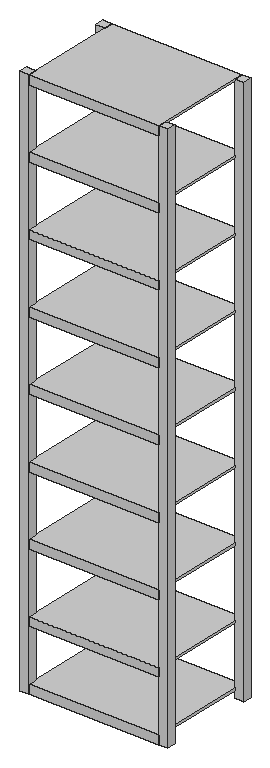
Revit family "PR1", category Specialty Equipment, Revit 2012
Parameters (values of type "Pallet Rack Starter (Default)")
  URL = "http://www.madixinc.com/store/palletrack/core.html"
  Model = "Pallet Rack"
  Manufacturer = "© 2012 Madix, Inc. All rights reserved."
  Base Shelf [instance] = yes
  Shelf Depth = 3' - 0"
  Length = 4' - 0"
  Height = 16' - 0"
  2' Shelf [instance] = yes
  4' Shelf [instance] = yes
  6' Shelf [instance] = yes
  8' Shelf [instance] = yes
  10' Shelf [instance] = yes
  12' Shelf [instance] = yes
  14' Shelf [instance] = yes
  16' Shelf [instance] = yes
Reference planes (in)
  plane 1 "Center (Front/Back)": y = 0
  plane 2: z = 0
  plane 3 "Center (Left/Right)": x = 0
  plane 4: x = -22.5
  plane 5: x = 22.5
  plane 6: y = 18
  plane 7: y = -18
  plane 8: x = -25.5
  plane 9: x = 25.5
  plane 10: z = 192
  plane 11: x = -24
  plane 12: x = 24
Forms (in)
  Extrusion 1, solid, material "Metal - Steel", visible <- "Base Shelf"
    sketch origin (-18, -16.25, 0) x (0, -1, 0) y (0, 0, -1)
      loop
        line (-34.25, 0) -> (-34.25, -3) -> (1.75, -3) -> (1.75, 0) -> (1.625, 0) -> (1.625, -2.375) -> (-34.125, -2.375) -> (-34.125, 0) -> (-34.25, 0)
    from -4.5 to 40.5
  Extrusion 2, solid, material "Metal - Steel", visible <- "2' Shelf"
    sketch origin (-19.5, -17, 33) x (0, -1, 0) y (0, 0, -1)
      loop
        line (-35, 12) -> (-35, 9) -> (1, 9) -> (1, 12) -> (0.875, 12) -> (0.875, 9.625) -> (-34.875, 9.625) -> (-34.875, 12) -> (-35, 12)
    from -3 to 42
  Extrusion 3, solid, material "Metal - Steel", visible <- "4' Shelf"
    sketch origin (-18, -16.25, 57) x (0, -1, 0) y (0, 0, -1)
      loop
        line (-34.25, 12) -> (-34.25, 9) -> (1.75, 9) -> (1.75, 12) -> (1.625, 12) -> (1.625, 9.625) -> (-34.125, 9.625) -> (-34.125, 12) -> (-34.25, 12)
    from -4.5 to 40.5
  Extrusion 4, solid, material "Metal - Steel", visible <- "6' Shelf"
    sketch origin (-18, -16.25, 81) x (0, -1, 0) y (0, 0, -1)
      loop
        line (-34.25, 12) -> (-34.25, 9) -> (1.75, 9) -> (1.75, 12) -> (1.625, 12) -> (1.625, 9.625) -> (-34.125, 9.625) -> (-34.125, 12) -> (-34.25, 12)
    from -4.5 to 40.5
  Extrusion 5, solid, material "Metal - Steel", visible <- "8' Shelf"
    sketch origin (-18, -16.25, 105) x (0, -1, 0) y (0, 0, -1)
      loop
        line (-34.25, 12) -> (-34.25, 9) -> (1.75, 9) -> (1.75, 12) -> (1.625, 12) -> (1.625, 9.625) -> (-34.125, 9.625) -> (-34.125, 12) -> (-34.25, 12)
    from -4.5 to 40.5
  Extrusion 6, solid, material "Metal - Steel", visible <- "10' Shelf"
    sketch origin (-18, -16.25, 129) x (0, -1, 0) y (0, 0, -1)
      loop
        line (-34.25, 12) -> (-34.25, 9) -> (1.75, 9) -> (1.75, 12) -> (1.625, 12) -> (1.625, 9.625) -> (-34.125, 9.625) -> (-34.125, 12) -> (-34.25, 12)
    from -4.5 to 40.5
  Extrusion 7, solid, material "Metal - Steel"
    sketch origin (0, -0.125, 0) x (1, 0, 0) y (0, 1, 0)
      loop
        line (-22.5, -17.875) -> (-22.5, -14.875) -> (-25.5, -14.875) -> (-25.5, -17.875) -> (-22.5, -17.875)
      loop
        line (22.5, -17.875) -> (25.5, -17.875) -> (25.5, -14.875) -> (22.5, -14.875) -> (22.5, -17.875)
      loop
        line (-22.5, 18.125) -> (-25.5, 18.125) -> (-25.5, 15.125) -> (-22.5, 15.125) -> (-22.5, 18.125)
      loop
        line (22.5, 18.125) -> (22.5, 15.125) -> (25.5, 15.125) -> (25.5, 18.125) -> (22.5, 18.125)
    from 0 to 192
  Extrusion 8, solid, material "Metal - Steel", visible <- "12' Shelf"
    sketch origin (-18, -16.25, 153) x (0, -1, 0) y (0, 0, -1)
      loop
        line (-34.25, 12) -> (-34.25, 9) -> (1.75, 9) -> (1.75, 12) -> (1.625, 12) -> (1.625, 9.625) -> (-34.125, 9.625) -> (-34.125, 12) -> (-34.25, 12)
    from -4.5 to 40.5
  Extrusion 9, solid, material "Metal - Steel", visible <- "14' Shelf"
    sketch origin (-18, -16.25, 177) x (0, -1, 0) y (0, 0, -1)
      loop
        line (-34.25, 12) -> (-34.25, 9) -> (1.75, 9) -> (1.75, 12) -> (1.625, 12) -> (1.625, 9.625) -> (-34.125, 9.625) -> (-34.125, 12) -> (-34.25, 12)
    from -4.5 to 40.5
  Extrusion 10, solid, material "Metal - Steel", visible <- "16' Shelf"
    sketch origin (-18, -16.25, 201) x (0, -1, 0) y (0, 0, -1)
      loop
        line (-34.25, 12) -> (-34.25, 9) -> (1.75, 9) -> (1.75, 12) -> (1.625, 12) -> (1.625, 9.625) -> (-34.125, 9.625) -> (-34.125, 12) -> (-34.25, 12)
    from -4.5 to 40.5
Dimensions and locks (in)
  "Length": plane 11 to plane 12
  equal spacing: plane 7, plane 1 "Center (Front/Back)", plane 6
  "Shelf Depth": plane 7 to plane 6
  "Height": plane 10 to level
  locked: plane 8 to plane 11 at 1.5
  locked: plane 12 to plane 9 at 1.5
  equal spacing: plane 11, plane 3 "Center (Left/Right)", plane 12
  locked: plane 5 to plane 12 at 1.5
  locked: plane 11 to plane 4 at 1.5
  aligned and locked: level to plane 2
  aligned and locked: Extrusion 1 to plane 4
  aligned and locked: Extrusion 1 to plane 5
  aligned and locked: plane 6 to Extrusion 1
  aligned and locked: plane 7 to Extrusion 1
  aligned and locked: Extrusion 1 to level
  aligned and locked: Extrusion 1 to Extrusion 5
  aligned and locked: Extrusion 5 to plane 6
  aligned and locked: plane 7 to Extrusion 6
  aligned and locked: Extrusion 6 to plane 6
  aligned and locked: plane 8 to Extrusion 7
  aligned and locked: plane 9 to Extrusion 7
  aligned and locked: plane 10 to Extrusion 7
  aligned and locked: Extrusion 4 to plane 5
  aligned and locked: Extrusion 3 to plane 5
  aligned and locked: Extrusion 2 to plane 5
  aligned and locked: Extrusion 4 to plane 4
  aligned and locked: Extrusion 3 to plane 4
  aligned and locked: Extrusion 2 to plane 4
  aligned and locked: Extrusion 2 to Extrusion 1  (x4)
  aligned and locked: Extrusion 5 to plane 5
  aligned and locked: Extrusion 5 to plane 4
  aligned and locked: Extrusion 6 to plane 5
  aligned and locked: Extrusion 6 to plane 4
  aligned and locked: Extrusion 8 to plane 5
  aligned and locked: Extrusion 8 to plane 4
  aligned and locked: Extrusion 9 to plane 5
  aligned and locked: Extrusion 9 to plane 4
  aligned and locked: plane 5 to Extrusion 10
  aligned and locked: Extrusion 10 to plane 4
Automatic sketch dimensions
  Extrusion 1 sketch curve to level = 0' - 0"  (x2)
  Extrusion 1 sketch curve to plane 6 = 0' - 0"
  Extrusion 1 sketch curve to plane 7 = 0' - 0"
  plane 6 to Extrusion 1 sketch curve = 0' - 0 1/8"
  Extrusion 1 sketch curve to plane 7 = 0' - 0 1/8"
  Extrusion 1 sketch curve to Extrusion 1 sketch curve = 0' - 2 3/8"
  Extrusion 1 sketch curve to Extrusion 1 sketch curve = 0' - 0 5/8"
  plane 6 to Extrusion 2 sketch curve = 0' - 0"
  plane 7 to Extrusion 2 sketch curve = 0' - 0"
  plane 6 to Extrusion 2 sketch curve = 0' - 0 1/8"
  Extrusion 2 sketch curve to plane 7 = 0' - 0 1/8"
  level to Extrusion 2 sketch curve = 2' - 0"
  Extrusion 2 sketch curve to Extrusion 2 sketch curve = 0' - 0 5/8"
  Extrusion 2 sketch curve to Extrusion 2 sketch curve = 0' - 2 3/8"  (x2)
  Extrusion 3 sketch curve to plane 6 = 0' - 0"
  Extrusion 3 sketch curve to plane 7 = 0' - 0"
  plane 6 to Extrusion 3 sketch curve = 0' - 0 1/8"
  Extrusion 3 sketch curve to plane 7 = 0' - 0 1/8"
  level to Extrusion 3 sketch curve = 4' - 0"
  Extrusion 3 sketch curve to Extrusion 3 sketch curve = 0' - 0 5/8"
  Extrusion 3 sketch curve to Extrusion 3 sketch curve = 0' - 2 3/8"  (x2)
  Extrusion 4 sketch curve to plane 6 = 0' - 0"
  Extrusion 4 sketch curve to plane 7 = 0' - 0"
  plane 6 to Extrusion 4 sketch curve = 0' - 0 1/8"
  Extrusion 4 sketch curve to plane 7 = 0' - 0 1/8"
  level to Extrusion 4 sketch curve = 6' - 0"
  Extrusion 4 sketch curve to Extrusion 4 sketch curve = 0' - 0 5/8"
  Extrusion 4 sketch curve to Extrusion 4 sketch curve = 0' - 2 3/8"  (x2)
  Extrusion 5 sketch curve to plane 6 = 0' - 0"
  Extrusion 5 sketch curve to plane 7 = 0' - 0"
  plane 6 to Extrusion 5 sketch curve = 0' - 0 1/8"
  Extrusion 5 sketch curve to plane 7 = 0' - 0 1/8"
  level to Extrusion 5 sketch curve = 8' - 0"
  Extrusion 5 sketch curve to Extrusion 5 sketch curve = 0' - 0 5/8"
  Extrusion 5 sketch curve to Extrusion 5 sketch curve = 0' - 2 3/8"  (x2)
  Extrusion 6 sketch curve to plane 6 = 0' - 0"
  Extrusion 6 sketch curve to plane 7 = 0' - 0"
  plane 6 to Extrusion 6 sketch curve = 0' - 0 1/8"
  Extrusion 6 sketch curve to plane 7 = 0' - 0 1/8"
  Extrusion 6 sketch curve to Extrusion 6 sketch curve = 0' - 0 5/8"
  Extrusion 6 sketch curve to Extrusion 6 sketch curve = 0' - 2 3/8"  (x2)
  Extrusion 7 sketch curve to plane 8 = 0' - 0"  (x2)
  Extrusion 7 sketch curve to plane 4 = 0' - 0"  (x2)
  Extrusion 7 sketch curve to plane 5 = 0' - 0"  (x2)
  Extrusion 7 sketch curve to plane 9 = 0' - 0"  (x2)
  Extrusion 7 sketch curve to plane 7 = 0' - 0"  (x2)
  Extrusion 7 sketch curve to Extrusion 7 sketch curve = 0' - 3"  (x2)
  plane 6 to Extrusion 7 sketch curve = 0' - 3"  (x2)
  plane 6 to Extrusion 7 sketch curve = 0' - 0"  (x2)
  Extrusion 8 sketch curve to plane 6 = 0' - 0"
  Extrusion 8 sketch curve to plane 7 = 0' - 0"
  plane 6 to Extrusion 8 sketch curve = 0' - 0 1/8"
  Extrusion 8 sketch curve to plane 7 = 0' - 0 1/8"
  Extrusion 8 sketch curve to Extrusion 8 sketch curve = 0' - 0 5/8"
  Extrusion 8 sketch curve to Extrusion 8 sketch curve = 0' - 2 3/8"  (x2)
  Extrusion 9 sketch curve to plane 6 = 0' - 0"
  Extrusion 9 sketch curve to plane 7 = 0' - 0"
  plane 6 to Extrusion 9 sketch curve = 0' - 0 1/8"
  Extrusion 9 sketch curve to plane 7 = 0' - 0 1/8"
  Extrusion 9 sketch curve to Extrusion 9 sketch curve = 0' - 0 5/8"
  Extrusion 9 sketch curve to Extrusion 9 sketch curve = 0' - 2 3/8"  (x2)
  Extrusion 10 sketch curve to plane 6 = 0' - 0"
  Extrusion 10 sketch curve to plane 7 = 0' - 0"
  plane 6 to Extrusion 10 sketch curve = 0' - 0 1/8"
  Extrusion 10 sketch curve to plane 7 = 0' - 0 1/8"
  Extrusion 10 sketch curve to Extrusion 10 sketch curve = 0' - 2 3/8"  (x2)
  level to Extrusion 6 sketch curve = 10' - 0"
  level to Extrusion 8 sketch curve = 12' - 0"
  level to Extrusion 9 sketch curve = 14' - 0"
  level to Extrusion 10 sketch curve = 16' - 0"
  Extrusion 10 sketch curve to Extrusion 10 sketch curve = 0' - 0 5/8"
